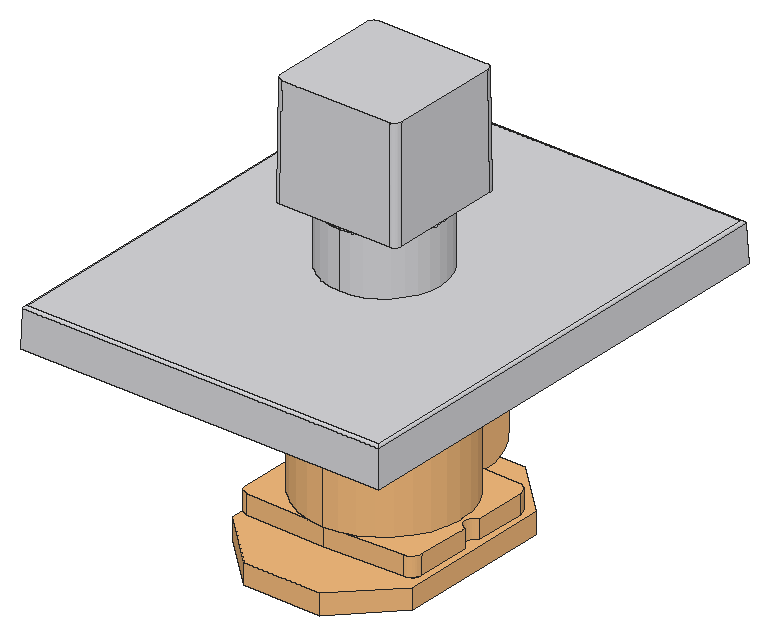
Revit family "Shower-Valve_Trim-KOHLER-MODULO-C75413D", category Plumbing Fixtures, host Face, Revit 2017
Family settings
  Host = Face
  Round Connector Dimension = Use Diameter
  Part Type = Normal
  OmniClass Number = 23.31.17.00
  OmniClass Title = Showers
  Cut with Voids When Loaded = No
  Shared = No
  Room Calculation Point = No
Parameters (values of type "CP-Polished Chrome")
  Width = 5 131/256"  # constant formula
  WaterSense Certified = 1 = 0  # no
  Waste Water Outlet = "Waste Water Outlet"  # constant formula
  Waste Connection = 1 = 0  # no
  Vent Connection = 1 = 0  # no
  URL = "https://www.kohler.co.uk/"
  Type = 1
  Tempered Water Outlet2 = "Tempered Water Outlet2"  # constant formula
  Tempered Water Outlet1 = "Tempered Water Outlet1"  # constant formula
  Product Page URL = ""
  Product Name = "MODULO"  # constant formula
  Product Documentation Link = ""
  Pressure = 0.00 psi
  Model = "C75413D-CP"  # constant formula
  Material = "Premium Metal Construction"  # constant formula
  Master Format 2014 Name = "Residential Showers"  # constant formula
  Master Format 2014 = "22 42 23"  # constant formula
  Manufacturer Address = "Cromwell Road, Cheltenham, Gloucestershire. GL52 5EP Registered in England No. 252115"  # constant formula
  Manufacturer = "KOHLER Co."  # constant formula
  Length = 7 5/64"  # constant formula
  Hot Water Inlet = "Hot Water Inlet"  # constant formula
  Height = 3 57/256"  # constant formula
  HW Connection = 1 = 1  # yes
  Flow Rate = 0 GPM
  Finish = Kohler-Metal-CP-Polished_Chrome
  Environmental Product Declaration = ""
  Drain Included = 1 = 0  # no
  Description = "MODULO SQUARE 3 WAY VALVE  AND TRIM"  # constant formula
  Default Elevation = 42"
  Declare Label = ""
  Date Modified = "07/11/2021"  # constant formula
  Date Created = "07/11/2021"  # constant formula
  Copyright = "Copyright KOHLER Co."  # constant formula
  Contact Us = "https://www.kohler.co.uk/support/contact/"
  Cold Water Inlet = "Cold Water Inlet"  # constant formula
  CW Connection = 1 = 1  # yes
  Assembly Code = "D2010700"
  ADA Compliant = 1 = 0  # no
Reference planes (in)
  plane 1 "Center (Front/Back)": y = 0
  plane 2: z = 0
  plane 3 "Center (Left/Right)": x = 0
  plane 4: z = -3.3464567
  plane 5: y = 3.5334646
  plane 6: y = -2.4075191
  plane 7: x = -0.7279332
  plane 8: x = 0.7279332
  plane 9: y = -1.3442781
  plane 10: y = 1.5012396
  plane 11: x = -2.7559055
  plane 12: x = 2.7558132
  plane 13: z = 3.2226562
  plane 14: y = -3.5446604
Forms (in)
  Extrusion 1, void
    sketch origin (0, 0, 0) x (1, 0, 0) y (0, 1, 0)
      loop
        line (-1.8804929, 2.2023473) -> (-1.8804929, -2.2023473)
        arc (-1.8804929, -2.2023473) -> (-1.7649374, -2.481323) -> (-1.4859616, -2.5968786) r 0.3945313
        line (-1.4859616, -2.5968786) -> (1.4859616, -2.5968786)
        arc (1.4859616, -2.5968786) -> (1.7649374, -2.481323) -> (1.8804929, -2.2023473) r 0.3945313
        line (1.8804929, -2.2023473) -> (1.8804929, 2.2027863)
        arc (1.8804929, 2.2027863) -> (1.7650659, 2.4814516) -> (1.4864006, 2.5968786) r 0.3940923
        line (1.4864006, 2.5968786) -> (-1.4859616, 2.5968786)
        arc (-1.4859616, 2.5968786) -> (-1.7649374, 2.481323) -> (-1.8804929, 2.2023473) r 0.3945313
    from -3.5525374 to 0
Dimensions and locks (in)
  level to plane 4 = 3.34646"
  "Width": plane 11 to plane 12
  "Height": level to plane 13
  "Length": plane 14 to plane 5
  aligned and locked: plane 2 to host face
  aligned and locked: level to host face
Automatic sketch dimensions
  host sketch curve to host sketch curve = 96"  (x2)
  plane 6 to Extrusion 1 sketch curve = 0.20517"  (x2)
  plane 11 to Extrusion 1 sketch curve = 0.87541"
  Extrusion 1 sketch curve to plane 6 = 0.18936"
  Extrusion 1 sketch curve to Extrusion 1 sketch curve = 101/256"
  plane 8 to Extrusion 1 sketch curve = 0.75803"
  Extrusion 1 sketch curve to Extrusion 1 sketch curve = 0.39409"
  Extrusion 1 sketch curve to plane 10 = 0.70111"
Nested families (in)
  nested 1: "C75413D_Valve" at (0, 0, 0), type "C75413D_Valve"
  nested 2: "C75413D" at (0, 0, 0), type "C75413D"
Connectors (in)
  piping at (0, 1.5012396, -3.1056567), diameter 0.5, driven by "HW Connection", driven by "Tempered Water Outlet1", driven by "Flow Rate"
    settings: on nested 1, index 1, connector inside diameter 24", connector length 0", flow factor 0, pipe flow 0 GPM, pressure drop 0.00 psi, fitting loss kfactor 0, connector angle 0.00°, fixture units 0, engagement length 0", angle of deflection 0.00°, flow configuration 0, flow direction 2, fitting loss method 0, system type 19, joint type 0, gender type 0, connector reference index -1, connector utility 1, adjustable connector no, is connector primary yes, connector description "Tempered Water Outlet1"
  piping at (0, -1.3442781, -3.1056567), diameter 0.5, driven by "HW Connection", driven by "Tempered Water Outlet2", driven by "Flow Rate"
    settings: on nested 1, index 2, connector inside diameter 24", connector length 0", flow factor 0, pipe flow 0 GPM, pressure drop 0.00 psi, fitting loss kfactor 0, connector angle 0.00°, fixture units 0, engagement length 0", angle of deflection 0.00°, flow configuration 0, flow direction 2, fitting loss method 0, system type 19, joint type 0, gender type 0, connector reference index -1, connector utility 1, adjustable connector no, is connector primary no, connector description "Tempered Water Outlet2"
  piping at (-0.7279332, 0, -3.1056567), diameter 0.5, driven by "HW Connection", driven by "Hot Water Inlet", driven by "Flow Rate"
    settings: on nested 1, index 3, connector inside diameter 24", connector length 0", flow factor 0, pipe flow 0 GPM, pressure drop 0.00 psi, fitting loss kfactor 0, connector angle 0.00°, fixture units 0, engagement length 0", angle of deflection 0.00°, flow configuration 0, flow direction 1, fitting loss method 0, system type 19, joint type 0, gender type 0, connector reference index -1, connector utility 1, adjustable connector no, is connector primary no, connector description "Hot Water Inlet"
  piping at (0.7279332, 0, -3.1056567), diameter 0.5, driven by "CW Connection", driven by "Cold Water Inlet", driven by "Flow Rate"
    settings: on nested 1, index 4, connector inside diameter 24", connector length 0", flow factor 0, pipe flow 0 GPM, pressure drop 0.00 psi, fitting loss kfactor 0, connector angle 0.00°, fixture units 0, engagement length 0", angle of deflection 0.00°, flow configuration 0, flow direction 1, fitting loss method 0, system type 20, joint type 0, gender type 0, connector reference index -1, connector utility 1, adjustable connector no, is connector primary no, connector description "Cold Water Inlet"
Definition of nested family "C75413D_Valve"
  Reference planes (in)
    plane 1 "Center (Front/Back)": y = 0
    plane 2: z = 0
    plane 3 "Center (Left/Right)": x = 0
    plane 4: z = -3.2283465
    plane 5: y = 1.4990932
    plane 6: y = -1.3464246
    plane 7: x = 0.7267716
    plane 8: x = -0.7290948
  Forms (in)
    Extrusion 1, solid, detail levels medium+fine
      sketch origin (0, 0, 0) x (1, 0, 0) y (0, 1, 0)
        loop
          line (-0.5905512, 1.9685039) -> (-1.3779528, 1.1811024) -> (-1.3779528, -1.1811024) -> (-0.5905512, -1.9685039) -> (0.5905512, -1.9685039) -> (1.3779528, -1.1811024) -> (1.3779528, 1.1811024) -> (0.5905512, 1.9685039) -> (-0.5905512, 1.9685039)
      from -3.1789534 to -2.8652756
    Extrusion 2, solid, detail levels medium+fine
      sketch origin (0, 0, 0) x (1, 0, 0) y (0, 1, 0)
        loop
          arc (-1.3484252, 0.1495933) -> (-1.2428991, 0) -> (-1.3484252, -0.1495933) r 0.1587945
          line (-1.3484252, -0.1495933) -> (-1.3484252, -0.9748978)
          arc (-1.3484252, -0.9748978) -> (-1.3075184, -1.0761456) -> (-1.20776, -1.1205609) r 0.1457519
          line (-1.20776, -1.1205609) -> (0, -1.1627368) -> (1.1894328, -1.1212009)
          arc (1.1894328, -1.1212009) -> (1.3021887, -1.0709987) -> (1.3484252, -0.9565595) r 0.1647418
          line (1.3484252, -0.9565595) -> (1.3484252, -0.1495933)
          arc (1.3484252, -0.1495933) -> (1.2427212, 0) -> (1.3484252, 0.1495933) r 0.158705
          line (1.3484252, 0.1495933) -> (1.3484252, 0.9255526)
          arc (1.3484252, 0.9255526) -> (1.2931771, 1.0622963) -> (1.1584448, 1.122283) r 0.1968504
          line (1.1584448, 1.122283) -> (0, 1.1627368) -> (-1.1996372, 1.1208446)
          arc (-1.1996372, 1.1208446) -> (-1.3051563, 1.0738645) -> (-1.3484252, 0.9667701) r 0.1541684
          line (-1.3484252, 0.9667701) -> (-1.3484252, 0.1495933)
      from -2.7952756 to -2.514572
    Extrusion 3, solid, detail levels medium+fine
      sketch origin (0, 0, 0) x (0, 1, 0) y (0, 0, 1)
        loop
          line (1.7866807, -2.3237652) -> (1.7866807, -1.4865419)
          arc (1.7866807, -1.4865419) -> (1.6870526, -1.2460183) -> (1.446529, -1.1463901) r 0.3401517
          line (1.446529, -1.1463901) -> (0.9191391, -1.1463901) -> (0.9191391, -2.6528225) -> (1.4576234, -2.6528225)
          arc (1.4576234, -2.6528225) -> (1.6903021, -2.5564438) -> (1.7866807, -2.3237652) r 0.3290573
      from -0.5090359 to 0.4798228
    Revolve 4, solid, detail levels medium+fine
      sketch origin (0, 0, 0) x (0, 1, 0) y (0, 0, 1)
        loop
          line (-1.179249, -0.5984252) -> (-1.179249, -2.514572) -> (0, -2.514572) -> (0, 0) -> (-0.8657743, 0) -> (-0.8657743, -0.5631691) -> (-0.9010304, -0.5984252) -> (-1.179249, -0.5984252)
        axis (0, -2.514572) -> (0, 0)
      angle from 0 to 360
    Extrusion 5, solid, detail levels medium+fine
      sketch origin (0, 0, 0) x (1, 0, 0) y (0, 1, 0)
        loop
          circle (1.1610514, 0.9059651) r 0.1072692
        loop
          circle (-1.1610514, 0.9059651) r 0.1072692
        loop
          circle (1.1610514, -0.9059651) r 0.1072692
        loop
          circle (-1.1610514, -0.9059651) r 0.1072692
      from -3.2283465 to -2.514572
    Extrusion 6, solid, detail levels coarse+medium
      sketch origin (0, 0, 0) x (1, 0, 0) y (0, 1, 0)
        loop
          circle (0, 0) r 1.2931952
      from -3.2283465 to 0
    Extrusion 7, solid, detail levels medium+fine
      sketch origin (-0.0011616, -0.0021465, 0) x (1, 0, 0) y (0, 1, 0)
        loop
          circle (-0.7279332, 0) r 0.3937008
        loop
          circle (0.7279332, 0) r 0.3937008
        loop
          circle (0, 1.5012396) r 0.3937008
        loop
          circle (0, -1.3442781) r 0.3937008
      from -3.1789534 to -3.0125175
  Cuts and joins
    joined: Extrusion 1, Extrusion 2, Extrusion 3, Revolve 4, Extrusion 5
  Lines and regions (in)
    Masking region 1
      outline origin (0, 0, 0) x (0, 1, 0) y (0, 0, 1)
        loop
          line (-1.179249, -0.5984252) -> (-1.179249, -2.514572) -> (-1.1442821, -2.514572) -> (-1.1442821, -2.7952756) -> (-1.0132343, -2.7952756) -> (-1.0132343, -2.8652756) -> (-1.9685039, -2.8652756) -> (-1.9685039, -3.1789534) -> (-1.0132343, -3.1789534) -> (-1.0132343, -3.2283465) -> (-0.7986959, -3.2283465) -> (-0.7986959, -3.1789534) -> (0, -3.1789534) -> (0.7986959, -3.1789534) -> (0.7986959, -3.2283465) -> (1.0132343, -3.2283465) -> (1.0132343, -3.1789534) -> (1.9685039, -3.1789534) -> (1.9685039, -2.8652756) -> (1.0132343, -2.8652756) -> (1.0132343, -2.7952756) -> (1.1442821, -2.7952756) -> (1.1442821, -2.6528225) -> (1.4576234, -2.6528225)
          arc (1.4576234, -2.6528225) -> (1.6903021, -2.5564438) -> (1.7866807, -2.3237652) r 0.3290573
          line (1.7866807, -2.3237652) -> (1.7866807, -1.4865419)
          arc (1.7866807, -1.4865419) -> (1.6870526, -1.2460183) -> (1.446529, -1.1463901) r 0.3401517
          line (1.446529, -1.1463901) -> (1.179249, -1.1463901) -> (1.179249, -0.5984252) -> (0.9010304, -0.5984252) -> (0.8657743, -0.5631691) -> (0.8657743, 0) -> (0, 0) -> (-0.8657743, 0) -> (-0.8657743, -0.5631691) -> (-0.9010304, -0.5984252) -> (-1.179249, -0.5984252)
        loop
          line (0, -2.8652756) -> (0.7986959, -2.8652756) -> (0.7986959, -2.7952756) -> (0, -2.7952756) -> (-0.7986959, -2.7952756) -> (-0.7986959, -2.8652756) -> (0, -2.8652756)
    Masking region 2, detail levels medium+fine
      outline origin (0, 0, 0) x (1, 0, 0) y (0, 0, 1)
        loop
          line (-1.3779528, -3.1789534) -> (-1.2683206, -3.1789534) -> (-1.2683206, -3.2283465) -> (-1.0537822, -3.2283465) -> (-1.0537822, -3.1789534) -> (0, -3.1789534) -> (1.0537822, -3.1789534) -> (1.0537822, -3.2283465) -> (1.2683206, -3.2283465) -> (1.2683206, -3.1789534) -> (1.3779528, -3.1789534) -> (1.3779528, -2.8652756) -> (1.2683206, -2.8652756) -> (1.2683206, -2.7952756) -> (1.3484252, -2.7952756) -> (1.3484252, -2.514572) -> (1.179249, -2.514572) -> (1.179249, -0.5984252) -> (0.9010304, -0.5984252) -> (0.8657743, -0.5631691) -> (0.8657743, 0) -> (0, 0) -> (-0.8657743, 0) -> (-0.8657743, -0.5631691) -> (-0.9010304, -0.5984252) -> (-1.179249, -0.5984252) -> (-1.179249, -2.514572) -> (-1.3484252, -2.514572) -> (-1.3484252, -2.7952756) -> (-1.2683206, -2.7952756) -> (-1.2683206, -2.8652756) -> (-1.3779528, -2.8652756) -> (-1.3779528, -3.1789534)
        loop
          line (0, -2.8652756) -> (1.0537822, -2.8652756) -> (1.0537822, -2.7952756) -> (0, -2.7952756) -> (-1.0537822, -2.7952756) -> (-1.0537822, -2.8652756) -> (0, -2.8652756)
    symbolic lines, detail levels medium+fine
      curve 1: line (0, 0.9010304, -0.5984252) -> (0, -0.9010304, -0.5984252)
      curve 2: line (0, -0.8657743, -0.5631691) -> (0, 0.8657743, -0.5631691)
      curve 3: line (0, 1.0132343, -3.1789534) -> (0, 0.7986959, -3.1789534)
      curve 4: line (0, 1.0132343, -2.8652756) -> (0, 0.7986959, -2.8652756)
      curve 5: line (0, -0.7986959, -2.8652756) -> (0, -1.0132343, -2.8652756)
      curve 6: line (0, -0.7986959, -3.1789534) -> (0, -1.0132343, -3.1789534)
      curve 7: line (0, -1.0132343, -2.7952756) -> (0, -0.7986959, -2.7952756)
      curve 8: line (0, 0.7986959, -2.7952756) -> (0, 1.0132343, -2.7952756)
      curve 9: line (0, 1.1442821, -2.6528225) -> (0, 1.1442821, -2.514572)
      curve 10: line (0, 1.1442821, -2.514572) -> (0, -1.1442821, -2.514572)
      curve 11: line (0, 1.0637249, -1.1463901) -> (0, 1.0637249, -2.514572)
      curve 12: line (0, 1.179249, -1.1463901) -> (0, 1.0637249, -1.1463901)
      curve 13: line (-1.2683206, 0, -3.1789534) -> (-1.0537822, 0, -3.1789534)
      curve 14: line (-1.2683206, 0, -2.8652756) -> (-1.0537822, 0, -2.8652756)
      curve 15: line (-1.2683206, 0, -2.7952756) -> (-1.0537822, 0, -2.7952756)
      curve 16: line (-1.179249, 0, -2.514572) -> (1.1894328, 0, -2.514572)
      curve 17: line (-0.9010304, 0, -0.5984252) -> (0.9010304, 0, -0.5984252)
      curve 18: line (-0.8657743, 0, -0.5631691) -> (0.8657743, 0, -0.5631691)
      curve 19: line (1.2683206, 0, -3.1789534) -> (1.0537822, 0, -3.1789534)
      curve 20: line (1.2683206, 0, -2.8652756) -> (1.0537822, 0, -2.8652756)
      curve 21: line (1.2683206, 0, -2.7952756) -> (1.0537822, 0, -2.7952756)
    symbolic lines, detail levels coarse
      curve 22: line (0, 0, -0.5915864) -> (0.2960769, 0, -0.8876633)
      curve 23: line (0.2960769, 0, -0.8876633) -> (0.2960769, 0, -0.3841572)
      curve 24: line (0.2960769, 0, -0.3841572) -> (0, 0, -0.5915864)
      curve 25: line (0, 0, -1.3580377) -> (0, 0, -0.5915864)
      curve 26: arc (0.3895036, 0, -1.3580377) -> (0.0004133, 0, -1.747128) -> (-0.388677, 0, -1.3580377) r 0.3890903
      curve 27: line (0.3895036, 0, -1.3580377) -> (-0.388677, 0, -1.3580377)
      curve 28: line (0, 0, -0.5915864) -> (-0.2960769, 0, -0.8876633)
      curve 29: line (-0.2960769, 0, -0.8876633) -> (-0.2960769, 0, -0.3841572)
      curve 30: line (-0.2960769, 0, -0.3841572) -> (0, 0, -0.5915864)
  Dimensions and locks (in)
    level to plane 4 = 3.22835"
    aligned and locked: plane 2 to level
Definition of nested family "C75413D"
  Parameters (values of type "C75413D")
    Finish = none
  Reference planes (in)
    plane 1 "Center (Front/Back)": y = 0
    plane 2: z = 0
    plane 3 "Center (Left/Right)": x = 0
    plane 4: x = -2.7559055
    plane 5: y = -3.5433071
    plane 6: x = 2.7559055
    plane 7: y = 3.5433071
    plane 8: z = 3.2234654
  Forms (in)
    Sweep 1, solid, material <- "Finish", detail levels medium+fine
      path origin (0, 0, 0) x (1, 0, 0) y (0, 1, 0)
        loop
          line (-2.7559055, 3.5433071) -> (-2.7559055, -3.5433071) -> (2.7559055, -3.5433071) -> (2.7559055, 3.5433071) -> (-2.7559055, 3.5433071)
      profile origin (0, 3.5433071, 0) x (0, 1, 0) y (0, 0, 1)
        loop
          line (-0.0599642, 0.5905512) -> (-0.0961726, 0.5905512) -> (-0.0961726, 0) -> (0, 0) -> (-0.0192495, 0.5512334)
          arc (-0.0192495, 0.5512334) -> (-0.0316642, 0.5791172) -> (-0.0599642, 0.5905512) r 0.0407395
    Revolve 2, solid, material <- "Finish", detail levels medium+fine
      sketch origin (0, 0, 0) x (0, 1, 0) y (0, 0, 1)
        loop
          line (0, 1.530552) -> (0, 0.5314961) -> (0.9294153, 0.5314961) -> (0.9294153, 0.5905512) -> (0.8965097, 0.5905512) -> (0.8965097, 0.544138) -> (0.8636439, 0.544138) -> (0.8636439, 1.4387323)
          arc (0.8636439, 1.4387323) -> (0.857599, 1.453326) -> (0.8430053, 1.4593709) r 0.0206386
          line (0.8430053, 1.4593709) -> (0.7197035, 1.4593709) -> (0.7197035, 1.530552) -> (0, 1.530552)
        axis (0, 1.530552) -> (0, 0.5314961)
      angle from 0 to 360
    Blend 3, solid, material <- "Finish", detail levels medium+fine
      base sketch origin (0, -1.629667, 0) x (1, 0, 0) y (0, 1, 0)
        loop
          arc (0.9448819, 2.476129) -> (0.9160554, 2.5457223) -> (0.846462, 2.5745489) r 0.0984199
          line (0.846462, 2.5745489) -> (-0.846462, 2.5745489)
          arc (-0.846462, 2.5745489) -> (-0.9160554, 2.5457223) -> (-0.9448819, 2.476129) r 0.0984199
          line (-0.9448819, 2.476129) -> (-0.9448819, 0.783205)
          arc (-0.9448819, 0.783205) -> (-0.9160554, 0.7136116) -> (-0.846462, 0.6847851) r 0.0984199
          line (-0.846462, 0.6847851) -> (0.846462, 0.6847851)
          arc (0.846462, 0.6847851) -> (0.9160554, 0.7136116) -> (0.9448819, 0.783205) r 0.0984199
          line (0.9448819, 0.783205) -> (0.9448819, 2.476129)
      top sketch origin (0, -1.629667, 0) x (1, 0, 0) y (0, 1, 0)
        loop
          line (0.9302783, 0.8018488) -> (0.9302783, 2.4573855)
          arc (0.9302783, 2.4573855) -> (0.9002393, 2.5299062) -> (0.8277185, 2.5599453) r 0.1025598
          line (0.8277185, 2.5599453) -> (-0.831968, 2.5599453)
          arc (-0.831968, 2.5599453) -> (-0.9014839, 2.5311509) -> (-0.9302783, 2.4616349) r 0.0983104
          line (-0.9302783, 2.4616349) -> (-0.9302783, 0.7938254)
          arc (-0.9302783, 0.7938254) -> (-0.9026184, 0.7270485) -> (-0.8358415, 0.6993886) r 0.0944368
          line (-0.8358415, 0.6993886) -> (0.8278181, 0.6993886)
          arc (0.8278181, 0.6993886) -> (0.9002684, 0.7293985) -> (0.9302783, 0.8018488) r 0.1024602
      from 1.530552 to 3.2234654
    Revolve 4, solid, material <- "Finish", detail levels medium+fine
      sketch origin (0, 0, 0) x (0, 1, 0) y (0, 0, 1)
        loop
          line (-0.5144232, 2.3110236) -> (-0.5144232, 2.5784968)
          arc (-0.5144232, 2.5784968) -> (-0.5202854, 2.5926495) -> (-0.5344381, 2.5985117) r 0.0200149
          line (-0.5344381, 2.5985117) -> (-0.6141417, 2.5985117) -> (-0.6141417, 2.3110236) -> (-0.5144232, 2.3110236)
        axis (-0.5144232, 2.3110236) -> (-0.6141417, 2.3110236)
      angle from 0 to 360
    Extrusion 5, solid, material <- "Finish", detail levels medium+fine
      sketch origin (0, 0, 0) x (1, 0, 0) y (0, 1, 0)
        loop
          line (2.6597329, -3.4471345) -> (2.6597329, 3.4471345) -> (-2.6597329, 3.4471345) -> (-2.6597329, -3.4471345) -> (2.6597329, -3.4471345)
        loop
          circle (0, 0) r 0.8636439
      from 0 to 0.5905512
    Extrusion 6, solid, material <- "Finish", detail levels coarse
      sketch origin (0, 0, 0) x (1, 0, 0) y (0, 1, 0)
        loop
          line (-2.7559055, 3.5433071) -> (-2.7559055, -3.5433071) -> (2.7559055, -3.5433071) -> (2.7559055, 3.5433071) -> (-2.7559055, 3.5433071)
      from 0 to 0.5905512
    Extrusion 7, solid, material <- "Finish", detail levels coarse
      sketch origin (0, 0, 0) x (1, 0, 0) y (0, 1, 0)
        loop
          line (-0.7567518, 0.7874016) -> (-0.7567518, -0.7874016) -> (0.7450083, -0.7874016) -> (0.7450083, 0.7874016) -> (-0.7567518, 0.7874016)
      from 0.5314961 to 3.2234654
  Cuts and joins
    joined: Sweep 1, Revolve 2, Blend 3, Revolve 4, Extrusion 5
  Lines and regions (in)
    Masking region 1
      outline origin (0, 0, 0) x (1, 0, 0) y (0, 1, 0)
        loop
          line (-2.7559055, 3.4526095) -> (-2.7559055, -3.4526095)
          arc (-2.7559055, -3.4526095) -> (-2.7293408, -3.5167424) -> (-2.6652079, -3.5433071) r 0.0906976
          line (-2.6652079, -3.5433071) -> (2.6652079, -3.5433071)
          arc (2.6652079, -3.5433071) -> (2.7293408, -3.5167424) -> (2.7559055, -3.4526095) r 0.0906976
          line (2.7559055, -3.4526095) -> (2.7559055, 3.4526095)
          arc (2.7559055, 3.4526095) -> (2.7293408, 3.5167424) -> (2.6652079, 3.5433071) r 0.0906976
          line (2.6652079, 3.5433071) -> (-2.6652079, 3.5433071)
          arc (-2.6652079, 3.5433071) -> (-2.7293408, 3.5167424) -> (-2.7559055, 3.4526095) r 0.0906976
    Masking region 2
      outline origin (0, 0, 0) x (0, 1, 0) y (0, 0, 1)
        loop
          line (3.5433071, 0) -> (3.5240634, 0.5510665)
          arc (3.5240634, 0.5510665) -> (3.511596, 0.5790687) -> (3.4831758, 0.5905512) r 0.0409125
          line (3.4831758, 0.5905512) -> (0.8636439, 0.5905512) -> (0.8636439, 1.4314834)
          arc (0.8636439, 1.4314834) -> (0.8554759, 1.4512028) -> (0.8357565, 1.4593709) r 0.0278875
          line (0.8357565, 1.4593709) -> (0.7197035, 1.4593709) -> (0.7197035, 1.530552) -> (0.9448819, 1.530552) -> (0.9302783, 3.2234654) -> (-0.9302783, 3.2234654) -> (-0.9448819, 1.530552) -> (-0.7197035, 1.530552) -> (-0.7197035, 1.4593709) -> (-0.8357565, 1.4593709)
          arc (-0.8357565, 1.4593709) -> (-0.8554759, 1.4512028) -> (-0.8636439, 1.4314834) r 0.0278875
          line (-0.8636439, 1.4314834) -> (-0.8636439, 0.5905512) -> (-1.9750572, 0.5905512) -> (-3.4831758, 0.5905512)
          arc (-3.4831758, 0.5905512) -> (-3.511596, 0.5790687) -> (-3.5240634, 0.5510665) r 0.0409125
          line (-3.5240634, 0.5510665) -> (-3.5433071, 0) -> (3.5433071, 0)
    Masking region 3
      outline origin (0, 0, 0) x (1, 0, 0) y (0, 0, 1)
        loop
          line (2.6938311, 0.5905512) -> (0.8636683, 0.5905512) -> (0.8636683, 1.43722)
          arc (0.8636683, 1.43722) -> (0.8573765, 1.4524098) -> (0.8421867, 1.4587016) r 0.0214816
          line (0.8421867, 1.4587016) -> (0.7197278, 1.4587016) -> (0.7197278, 1.530552) -> (0.9448819, 1.530552) -> (0.9302783, 3.2234654) -> (-0.9302783, 3.2234654) -> (-0.9448819, 1.530552) -> (-0.7197278, 1.530552) -> (-0.7197278, 1.4587016) -> (-0.8421867, 1.4587016)
          arc (-0.8421867, 1.4587016) -> (-0.8573765, 1.4524098) -> (-0.8636683, 1.43722) r 0.0214816
          line (-0.8636683, 1.43722) -> (-0.8636683, 0.5905512) -> (-2.6938311, 0.5905512)
          arc (-2.6938311, 0.5905512) -> (-2.7236491, 0.5785039) -> (-2.7367297, 0.5491245) r 0.0429247
          line (-2.7367297, 0.5491245) -> (-2.7559055, 0) -> (2.7559055, 0) -> (2.7367297, 0.5491245)
          arc (2.7367297, 0.5491245) -> (2.7236491, 0.5785039) -> (2.6938311, 0.5905512) r 0.0429247
    symbolic lines, detail levels medium+fine
      curve 1: line (-2.7165354, 3.4526095, 0) -> (-2.7165354, -3.4526095, 0)
      curve 2: arc (-2.7165354, -3.4526095, 0) -> (-2.7015019, -3.4889035, 0) -> (-2.6652079, -3.503937, 0) r 0.0513275
      curve 3: line (-2.6652079, -3.503937, 0) -> (2.6652079, -3.503937, 0)
      curve 4: arc (2.6652079, -3.503937, 0) -> (2.7015019, -3.4889035, 0) -> (2.7165354, -3.4526095, 0) r 0.0513275
      curve 5: line (2.7165354, -3.4526095, 0) -> (2.7165354, 3.4526095, 0)
      curve 6: arc (2.7165354, 3.4526095, 0) -> (2.7015019, 3.4889035, 0) -> (2.6652079, 3.503937, 0) r 0.0513275
      curve 7: line (2.6652079, 3.503937, 0) -> (-2.6652079, 3.503937, 0)
      curve 8: arc (-2.6652079, 3.503937, 0) -> (-2.7015019, 3.4889035, 0) -> (-2.7165354, 3.4526095, 0) r 0.0513275
      curve 9: line (0, 0.8575288, 0.5905512) -> (0, -0.8516881, 0.5905512)
      curve 10: line (-0.8636683, 0, 0.5905512) -> (0.8636683, 0, 0.5905512)
      curve 11: line (-0.846462, 0, 1.4587016) -> (0.846462, 0, 1.4587016)
      curve 12: line (-0.775092, 0, 1.530552) -> (0.775092, 0, 1.530552)
      curve 13: line (0, 3.5240634, 0.5510665) -> (0, -3.5240634, 0.5510665)
      curve 14: line (-2.7367297, 0, 0.5491245) -> (2.7367297, 0, 0.5491245)
      curve 15: arc (-0.831968, 0.9302783, 0) -> (-0.9014839, 0.9014839, 0) -> (-0.9302783, 0.831968, 0) r 0.0983104
      curve 16: line (-0.9302783, 0.831968, 0) -> (-0.9302783, -0.8358415, 0)
      curve 17: arc (-0.9302783, -0.8358415, 0) -> (-0.9026184, -0.9026184, 0) -> (-0.8358415, -0.9302783, 0) r 0.0944368
      curve 18: line (-0.8358415, -0.9302783, 0) -> (0.8278181, -0.9302783, 0)
      curve 19: arc (0.8278181, -0.9302783, 0) -> (0.9002684, -0.9002684, 0) -> (0.9302783, -0.8278181, 0) r 0.1024602
      curve 20: line (0.9302783, -0.8278181, 0) -> (0.9302783, 0.8277185, 0)
      curve 21: arc (0.9302783, 0.8277185, 0) -> (0.9002393, 0.9002393, 0) -> (0.8277185, 0.9302783, 0) r 0.1025598
      curve 22: line (0.8277185, 0.9302783, 0) -> (-0.831968, 0.9302783, 0)
      curve 23: line (-0.9448819, -0.846462, 0) -> (-0.9448819, 0.846462, 0)
      curve 24: arc (-0.9448819, 0.846462, 0) -> (-0.9160554, 0.9160554, 0) -> (-0.846462, 0.9448819, 0) r 0.0984199
      curve 25: line (-0.846462, 0.9448819, 0) -> (0.846462, 0.9448819, 0)
      curve 26: arc (0.846462, 0.9448819, 0) -> (0.9160554, 0.9160554, 0) -> (0.9448819, 0.846462, 0) r 0.0984199
      curve 27: line (0.9448819, 0.846462, 0) -> (0.9448819, -0.846462, 0)
      curve 28: arc (0.9448819, -0.846462, 0) -> (0.9160554, -0.9160554, 0) -> (0.846462, -0.9448819, 0) r 0.0984199
      curve 29: line (0.846462, -0.9448819, 0) -> (-0.846462, -0.9448819, 0)
      curve 30: arc (-0.846462, -0.9448819, 0) -> (-0.9160554, -0.9160554, 0) -> (-0.9448819, -0.846462, 0) r 0.0984199
      curve 31: line (0, 0.7197035, 1.4593709) -> (0, -0.7197035, 1.4593709)
      curve 32: line (0, -0.7197035, 1.530552) -> (0, 0.7197035, 1.530552)
      curve 33: line (0, 0.8956719, 1.530552) -> (0, 0.8956719, 3.2234654)
      curve 34: line (0, -0.8956719, 1.530552) -> (0, -0.8956719, 3.2234654)
      curve 35: line (-0.846462, 0, 1.530552) -> (-0.846462, 0, 3.2234654)
      curve 36: line (0.846462, 0, 1.530552) -> (0.846462, 0, 3.2234654)
  Dimensions and locks (in)
    plane 4 to plane 3 "Center (Left/Right)" = 2.75591"
    plane 5 to plane 1 "Center (Front/Back)" = 3.54331"
    aligned and locked: plane 2 to level
